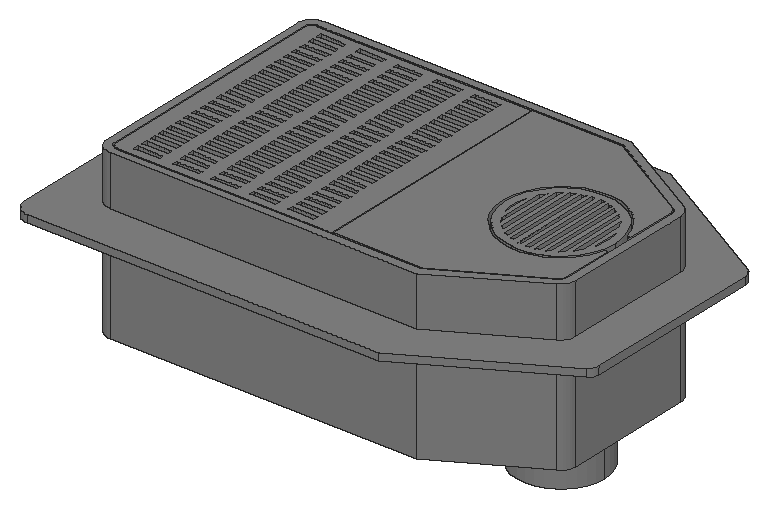
Revit family "Drain-Floor-Jay_R_Smith-2484_Series", category Plumbing Fixtures, host Face, Revit 2019 (continued)
Lines and regions (in)
  symbolic lines, detail levels fine
    curve 370: line (-2.20425, 4.875, 0) -> (-3.45425, 4.875, 0)
    curve 371: line (-2.20425, 5.125, 0) -> (-2.20425, 4.875, 0)
    curve 372: line (-3.45425, 4.625, 0) -> (-2.20425, 4.625, 0)
    curve 373: line (-3.45425, 4.375, 0) -> (-3.45425, 4.625, 0)
    curve 374: line (-2.20425, 4.375, 0) -> (-3.45425, 4.375, 0)
    curve 375: line (-2.20425, 4.625, 0) -> (-2.20425, 4.375, 0)
    curve 376: line (-3.45425, 4.125, 0) -> (-2.20425, 4.125, 0)
    curve 377: line (-3.45425, 3.875, 0) -> (-3.45425, 4.125, 0)
    curve 378: line (-2.20425, 3.875, 0) -> (-3.45425, 3.875, 0)
    curve 379: line (-2.20425, 4.125, 0) -> (-2.20425, 3.875, 0)
    curve 380: line (-3.45425, 3.625, 0) -> (-2.20425, 3.625, 0)
    curve 381: line (-3.45425, 3.375, 0) -> (-3.45425, 3.625, 0)
    curve 382: line (-2.20425, 3.375, 0) -> (-3.45425, 3.375, 0)
    curve 383: line (-2.20425, 3.625, 0) -> (-2.20425, 3.375, 0)
    curve 384: line (-3.45425, 3.125, 0) -> (-2.20425, 3.125, 0)
    curve 385: line (-3.45425, 2.875, 0) -> (-3.45425, 3.125, 0)
    curve 386: line (-2.20425, 2.875, 0) -> (-3.45425, 2.875, 0)
    curve 387: line (-2.20425, 3.125, 0) -> (-2.20425, 2.875, 0)
    curve 388: line (-3.45425, 2.625, 0) -> (-2.20425, 2.625, 0)
    curve 389: line (-3.45425, 2.375, 0) -> (-3.45425, 2.625, 0)
    curve 390: line (-2.20425, 2.375, 0) -> (-3.45425, 2.375, 0)
    curve 391: line (-2.20425, 2.625, 0) -> (-2.20425, 2.375, 0)
    curve 392: line (-3.45425, 2.125, 0) -> (-2.20425, 2.125, 0)
    curve 393: line (-3.45425, 1.875, 0) -> (-3.45425, 2.125, 0)
    curve 394: line (-2.20425, 1.875, 0) -> (-3.45425, 1.875, 0)
    curve 395: line (-2.20425, 2.125, 0) -> (-2.20425, 1.875, 0)
    curve 396: line (-3.45425, 1.625, 0) -> (-2.20425, 1.625, 0)
    curve 397: line (-3.45425, 1.375, 0) -> (-3.45425, 1.625, 0)
    curve 398: line (-2.20425, 1.375, 0) -> (-3.45425, 1.375, 0)
    curve 399: line (-2.20425, 1.625, 0) -> (-2.20425, 1.375, 0)
    curve 400: line (-3.45425, 1.125, 0) -> (-2.20425, 1.125, 0)
    curve 401: line (-3.45425, 0.875, 0) -> (-3.45425, 1.125, 0)
    curve 402: line (-2.20425, 0.875, 0) -> (-3.45425, 0.875, 0)
    curve 403: line (-2.20425, 1.125, 0) -> (-2.20425, 0.875, 0)
    curve 404: line (-3.45425, 0.625, 0) -> (-2.20425, 0.625, 0)
    curve 405: line (-3.45425, 0.375, 0) -> (-3.45425, 0.625, 0)
    curve 406: line (-2.20425, 0.375, 0) -> (-3.45425, 0.375, 0)
    curve 407: line (-2.20425, 0.625, 0) -> (-2.20425, 0.375, 0)
    curve 408: line (-3.45425, 0.125, 0) -> (-2.20425, 0.125, 0)
    curve 409: line (-3.45425, -0.125, 0) -> (-3.45425, 0.125, 0)
    curve 410: line (-2.20425, -0.125, 0) -> (-3.45425, -0.125, 0)
    curve 411: line (-2.20425, 0.125, 0) -> (-2.20425, -0.125, 0)
    curve 412: line (-3.45425, -0.375, 0) -> (-2.20425, -0.375, 0)
    curve 413: line (-3.45425, -0.625, 0) -> (-3.45425, -0.375, 0)
    curve 414: line (-2.20425, -0.625, 0) -> (-3.45425, -0.625, 0)
    curve 415: line (-2.20425, -0.375, 0) -> (-2.20425, -0.625, 0)
    curve 416: line (-3.45425, -0.875, 0) -> (-2.20425, -0.875, 0)
    curve 417: line (-3.45425, -1.125, 0) -> (-3.45425, -0.875, 0)
    curve 418: line (-2.20425, -1.125, 0) -> (-3.45425, -1.125, 0)
    curve 419: line (-2.20425, -0.875, 0) -> (-2.20425, -1.125, 0)
    curve 420: line (-3.45425, -1.375, 0) -> (-2.20425, -1.375, 0)
    curve 421: line (-3.45425, -1.625, 0) -> (-3.45425, -1.375, 0)
    curve 422: line (-2.20425, -1.625, 0) -> (-3.45425, -1.625, 0)
    curve 423: line (-2.20425, -1.375, 0) -> (-2.20425, -1.625, 0)
    curve 424: line (-3.45425, -1.875, 0) -> (-2.20425, -1.875, 0)
    curve 425: line (-3.45425, -2.125, 0) -> (-3.45425, -1.875, 0)
    curve 426: line (-2.20425, -2.125, 0) -> (-3.45425, -2.125, 0)
    curve 427: line (-2.20425, -1.875, 0) -> (-2.20425, -2.125, 0)
    curve 428: line (-3.45425, -2.375, 0) -> (-2.20425, -2.375, 0)
    curve 429: line (-3.45425, -2.625, 0) -> (-3.45425, -2.375, 0)
    curve 430: line (-2.20425, -2.625, 0) -> (-3.45425, -2.625, 0)
    curve 431: line (-2.20425, -2.375, 0) -> (-2.20425, -2.625, 0)
    curve 432: line (-3.45425, -2.875, 0) -> (-2.20425, -2.875, 0)
    curve 433: line (-3.45425, -3.125, 0) -> (-3.45425, -2.875, 0)
    curve 434: line (-2.20425, -3.125, 0) -> (-3.45425, -3.125, 0)
    curve 435: line (-2.20425, -2.875, 0) -> (-2.20425, -3.125, 0)
    curve 436: line (-3.45425, -3.375, 0) -> (-2.20425, -3.375, 0)
    curve 437: line (-3.45425, -3.625, 0) -> (-3.45425, -3.375, 0)
    curve 438: line (-2.20425, -3.625, 0) -> (-3.45425, -3.625, 0)
    curve 439: line (-2.20425, -3.375, 0) -> (-2.20425, -3.625, 0)
    curve 440: line (-3.45425, -3.875, 0) -> (-2.20425, -3.875, 0)
    curve 441: line (-3.45425, -4.125, 0) -> (-3.45425, -3.875, 0)
    curve 442: line (-2.20425, -4.125, 0) -> (-3.45425, -4.125, 0)
    curve 443: line (-2.20425, -3.875, 0) -> (-2.20425, -4.125, 0)
    curve 444: line (-3.45425, -4.375, 0) -> (-2.20425, -4.375, 0)
    curve 445: line (-3.45425, -4.625, 0) -> (-3.45425, -4.375, 0)
    curve 446: line (-2.20425, -4.625, 0) -> (-3.45425, -4.625, 0)
    curve 447: line (-2.20425, -4.375, 0) -> (-2.20425, -4.625, 0)
    curve 448: line (-3.45425, -4.875, 0) -> (-2.20425, -4.875, 0)
    curve 449: line (-3.45425, -5.125, 0) -> (-3.45425, -4.875, 0)
    curve 450: line (-2.20425, -5.125, 0) -> (-3.45425, -5.125, 0)
    curve 451: line (-2.20425, -4.875, 0) -> (-2.20425, -5.125, 0)
    curve 452: line (-3.45425, -5.375, 0) -> (-2.20425, -5.375, 0)
    curve 453: line (-3.45425, -5.625, 0) -> (-3.45425, -5.375, 0)
    curve 454: line (-2.20425, -5.625, 0) -> (-3.45425, -5.625, 0)
    curve 455: line (-2.20425, -5.375, 0) -> (-2.20425, -5.625, 0)
    curve 456: line (-1.59906, 5.625, 0) -> (-0.34906, 5.625, 0)
    curve 457: line (-1.59906, 5.375, 0) -> (-1.59906, 5.625, 0)
    curve 458: line (-0.34906, 5.375, 0) -> (-1.59906, 5.375, 0)
    curve 459: line (-0.34906, 5.625, 0) -> (-0.34906, 5.375, 0)
    curve 460: line (-1.59906, 5.125, 0) -> (-0.34906, 5.125, 0)
    curve 461: line (-1.59906, 4.875, 0) -> (-1.59906, 5.125, 0)
    curve 462: line (-0.34906, 4.875, 0) -> (-1.59906, 4.875, 0)
    curve 463: line (-0.34906, 5.125, 0) -> (-0.34906, 4.875, 0)
    curve 464: line (-1.59906, 4.625, 0) -> (-0.34906, 4.625, 0)
    curve 465: line (-1.59906, 4.375, 0) -> (-1.59906, 4.625, 0)
    curve 466: line (-0.34906, 4.375, 0) -> (-1.59906, 4.375, 0)
    curve 467: line (-0.34906, 4.625, 0) -> (-0.34906, 4.375, 0)
    curve 468: line (-1.59906, 4.125, 0) -> (-0.34906, 4.125, 0)
    curve 469: line (-1.59906, 3.875, 0) -> (-1.59906, 4.125, 0)
    curve 470: line (-0.34906, 3.875, 0) -> (-1.59906, 3.875, 0)
    curve 471: line (-0.34906, 4.125, 0) -> (-0.34906, 3.875, 0)
    curve 472: line (-1.59906, 3.625, 0) -> (-0.34906, 3.625, 0)
    curve 473: line (-1.59906, 3.375, 0) -> (-1.59906, 3.625, 0)
    curve 474: line (-0.34906, 3.375, 0) -> (-1.59906, 3.375, 0)
    curve 475: line (-0.34906, 3.625, 0) -> (-0.34906, 3.375, 0)
    curve 476: line (-1.59906, 3.125, 0) -> (-0.34906, 3.125, 0)
    curve 477: line (-1.59906, 2.875, 0) -> (-1.59906, 3.125, 0)
    curve 478: line (-0.34906, 2.875, 0) -> (-1.59906, 2.875, 0)
    curve 479: line (-0.34906, 3.125, 0) -> (-0.34906, 2.875, 0)
    curve 480: line (-1.59906, 2.625, 0) -> (-0.34906, 2.625, 0)
    curve 481: line (-1.59906, 2.375, 0) -> (-1.59906, 2.625, 0)
    curve 482: line (-0.34906, 2.375, 0) -> (-1.59906, 2.375, 0)
    curve 483: line (-0.34906, 2.625, 0) -> (-0.34906, 2.375, 0)
    curve 484: line (-1.59906, 2.125, 0) -> (-0.34906, 2.125, 0)
    curve 485: line (-1.59906, 1.875, 0) -> (-1.59906, 2.125, 0)
    curve 486: line (-0.34906, 1.875, 0) -> (-1.59906, 1.875, 0)
    curve 487: line (-0.34906, 2.125, 0) -> (-0.34906, 1.875, 0)
    curve 488: line (-1.59906, 1.625, 0) -> (-0.34906, 1.625, 0)
    curve 489: line (-1.59906, 1.375, 0) -> (-1.59906, 1.625, 0)
    curve 490: line (-0.34906, 1.375, 0) -> (-1.59906, 1.375, 0)
    curve 491: line (-0.34906, 1.625, 0) -> (-0.34906, 1.375, 0)
    curve 492: line (-1.59906, 1.125, 0) -> (-0.34906, 1.125, 0)
    curve 493: line (-1.59906, 0.875, 0) -> (-1.59906, 1.125, 0)
    curve 494: line (-0.34906, 0.875, 0) -> (-1.59906, 0.875, 0)
    curve 495: line (-0.34906, 1.125, 0) -> (-0.34906, 0.875, 0)
    curve 496: line (-1.59906, 0.625, 0) -> (-0.34906, 0.625, 0)
    curve 497: line (-1.59906, 0.375, 0) -> (-1.59906, 0.625, 0)
    curve 498: line (-0.34906, 0.375, 0) -> (-1.59906, 0.375, 0)
    curve 499: line (-0.34906, 0.625, 0) -> (-0.34906, 0.375, 0)
    curve 500: line (-1.59906, 0.125, 0) -> (-0.34906, 0.125, 0)
    curve 501: line (-1.59906, -0.125, 0) -> (-1.59906, 0.125, 0)
    curve 502: line (-0.34906, -0.125, 0) -> (-1.59906, -0.125, 0)
    curve 503: line (-0.34906, 0.125, 0) -> (-0.34906, -0.125, 0)
    curve 504: line (-1.59906, -0.375, 0) -> (-0.34906, -0.375, 0)
    curve 505: line (-1.59906, -0.625, 0) -> (-1.59906, -0.375, 0)
    curve 506: line (-0.34906, -0.625, 0) -> (-1.59906, -0.625, 0)
    curve 507: line (-0.34906, -0.375, 0) -> (-0.34906, -0.625, 0)
    curve 508: line (-1.59906, -0.875, 0) -> (-0.34906, -0.875, 0)
    curve 509: line (-1.59906, -1.125, 0) -> (-1.59906, -0.875, 0)
    curve 510: line (-0.34906, -1.125, 0) -> (-1.59906, -1.125, 0)
    curve 511: line (-0.34906, -0.875, 0) -> (-0.34906, -1.125, 0)
    curve 512: line (-1.59906, -1.375, 0) -> (-0.34906, -1.375, 0)
    curve 513: line (-1.59906, -1.625, 0) -> (-1.59906, -1.375, 0)
    curve 514: line (-0.34906, -1.625, 0) -> (-1.59906, -1.625, 0)
    curve 515: line (-0.34906, -1.375, 0) -> (-0.34906, -1.625, 0)
    curve 516: line (-1.59906, -1.875, 0) -> (-0.34906, -1.875, 0)
    curve 517: line (-1.59906, -2.125, 0) -> (-1.59906, -1.875, 0)
    curve 518: line (-0.34906, -2.125, 0) -> (-1.59906, -2.125, 0)
    curve 519: line (-0.34906, -1.875, 0) -> (-0.34906, -2.125, 0)
    curve 520: line (-1.59906, -2.375, 0) -> (-0.34906, -2.375, 0)
    curve 521: line (-1.59906, -2.625, 0) -> (-1.59906, -2.375, 0)
    curve 522: line (-0.34906, -2.625, 0) -> (-1.59906, -2.625, 0)
    curve 523: line (-0.34906, -2.375, 0) -> (-0.34906, -2.625, 0)
    curve 524: line (-1.59906, -2.875, 0) -> (-0.34906, -2.875, 0)
    curve 525: line (-1.59906, -3.125, 0) -> (-1.59906, -2.875, 0)
    curve 526: line (-0.34906, -3.125, 0) -> (-1.59906, -3.125, 0)
    curve 527: line (-0.34906, -2.875, 0) -> (-0.34906, -3.125, 0)
    curve 528: line (-1.59906, -3.375, 0) -> (-0.34906, -3.375, 0)
    curve 529: line (-1.59906, -3.625, 0) -> (-1.59906, -3.375, 0)
    curve 530: line (-0.34906, -3.625, 0) -> (-1.59906, -3.625, 0)
    curve 531: line (-0.34906, -3.375, 0) -> (-0.34906, -3.625, 0)
    curve 532: line (-1.59906, -3.875, 0) -> (-0.34906, -3.875, 0)
    curve 533: line (-1.59906, -4.125, 0) -> (-1.59906, -3.875, 0)
    curve 534: line (-0.34906, -4.125, 0) -> (-1.59906, -4.125, 0)
    curve 535: line (-0.34906, -3.875, 0) -> (-0.34906, -4.125, 0)
    curve 536: line (-1.59906, -4.375, 0) -> (-0.34906, -4.375, 0)
    curve 537: line (-1.59906, -4.625, 0) -> (-1.59906, -4.375, 0)
    curve 538: line (-0.34906, -4.625, 0) -> (-1.59906, -4.625, 0)
    curve 539: line (-0.34906, -4.375, 0) -> (-0.34906, -4.625, 0)
    curve 540: line (-1.59906, -4.875, 0) -> (-0.34906, -4.875, 0)
    curve 541: line (-1.59906, -5.125, 0) -> (-1.59906, -4.875, 0)
    curve 542: line (-0.34906, -5.125, 0) -> (-1.59906, -5.125, 0)
    curve 543: line (-0.34906, -4.875, 0) -> (-0.34906, -5.125, 0)
    curve 544: line (-1.59906, -5.375, 0) -> (-0.34906, -5.375, 0)
    curve 545: line (-1.59906, -5.625, 0) -> (-1.59906, -5.375, 0)
    curve 546: line (-0.34906, -5.625, 0) -> (-1.59906, -5.625, 0)
    curve 547: line (-0.34906, -5.375, 0) -> (-0.34906, -5.625, 0)
Dimensions and locks (in)
  plane 16 to plane 17 = 20 1/2"
  plane 4 to plane 16 = 2 1/8"
  plane 19 to plane 18 = 10 9/16"
  plane 10 to plane 9 = 17 1/2"
  plane 12 to plane 11 = 12 7/8"
  plane 4 to plane 6 = 17 5/8"
  plane 8 to plane 7 = 9 3/8"
  plane 4 to Extrusion 2 = 2 1/8"
  locked: Extrusion 2 to Extrusion 2 at 20.5
  plane 4 to plane 5 = 24 3/4"
  locked: plane 22 to plane 23 at 20.5
  plane 22 to plane 3 "Center (Left/Right)" to plane 23 = 10 1/4" locked, 10 1/4" locked
  plane 15 to host face = 2 3/4"
  "Waste Connection Radius": radius of Extrusion 4 sketch curve
  "Outlet Radius": radius of Extrusion 4 sketch curve
  "Outlet Radius": radius of Extrusion 5 sketch curve
  aligned and locked: plane 2 to host face
  aligned and locked: level to host face
  aligned and locked: Extrusion 5 to Extrusion 4
  aligned and locked: plane 24 to Extrusion 5 sketch curve
  aligned and locked: plane 1 "Center (Front/Back)" to Extrusion 5 sketch curve
Automatic sketch dimensions
  host sketch curve to host sketch curve = 96"  (x2)
  Extrusion 4 sketch curve to Extrusion 4 sketch curve = 0"  (x2)
  plane 1 "Center (Front/Back)" to Extrusion 4 sketch curve = 0.00051"
  plane 6 to Extrusion 4 sketch curve = 1.76766"
  Extrusion 1 sketch curve to plane 4 = 0"
  plane 9 to Extrusion 1 sketch curve = 0"
  plane 10 to Extrusion 1 sketch curve = 0"
  Extrusion 1 sketch curve to plane 16 = 0"
  plane 12 to Extrusion 1 sketch curve = 0"
  plane 11 to Extrusion 1 sketch curve = 0"
  Extrusion 1 sketch curve to plane 6 = 0"  (x4)
  Extrusion 1 sketch curve to plane 17 = 0"
  Extrusion 1 sketch curve to plane 5 = 0"
  Extrusion 1 sketch curve to Extrusion 1 sketch curve = 3/4"  (x4)
  plane 16 to Extrusion 1 sketch curve = 3/4"  (x2)
  Extrusion 1 sketch curve to plane 17 = 0.37851"  (x2)
  Extrusion 1 sketch curve to Extrusion 1 sketch curve = 1/2"
  plane 8 to Extrusion 1 sketch curve = 0.14388"
  Extrusion 1 sketch curve to plane 5 = 0.25234"  (x2)
  Extrusion 1 sketch curve to plane 5 = 1/2"
  Extrusion 1 sketch curve to plane 7 = 0.14388"
  Extrusion 1 sketch curve to plane 8 = 0.88506"
  plane 7 to Extrusion 1 sketch curve = 1.53659"
  curve 1 to curve 12 = 0"  (x2)
  curve 1 to curve 87 = 0"  (x2)
  curve 4 to curve 15 = 0"  (x2)
  curve 4 to curve 16 = 0"  (x2)
  curve 7 to curve 22 = 0"  (x2)
  curve 7 to curve 23 = 0"  (x2)
  curve 9 to curve 30 = 0"  (x2)
  curve 9 to curve 31 = 0"  (x2)
  curve 27 to curve 39 = 0"  (x2)
  curve 41 to curve 44 = 0"  (x2)
  curve 41 to curve 46 = 0"  (x2)
  curve 41 to curve 47 = 0"  (x2)
  curve 41 to curve 50 = 0"  (x2)
  curve 41 to curve 51 = 0"  (x2)
  curve 41 to curve 54 = 0"  (x2)
  curve 41 to curve 57 = 0"  (x2)
  curve 41 to curve 58 = 0"  (x2)
  curve 41 to curve 61 = 0"  (x2)
  curve 41 to curve 64 = 0"  (x2)
  curve 41 to curve 68 = 0"  (x2)
  curve 41 to curve 72 = 0"  (x2)
  curve 41 to curve 74 = 0"  (x2)
  curve 41 to curve 76 = 0"  (x2)
  curve 41 to curve 77 = 0"  (x2)
  curve 41 to curve 78 = 0"  (x2)
  curve 41 to curve 79 = 0"  (x2)
  curve 41 to curve 80 = 0"  (x2)
  curve 41 to curve 81 = 0"  (x2)
  curve 41 to curve 82 = 0"  (x2)
  curve 41 to curve 83 = 0"  (x2)
  curve 41 to curve 84 = 0"
  curve 3 to plane 23 = 0"
  plane 12 to curve 5 = 0"
  plane 11 to curve 2 = 0"
  curve 2 to plane 6 = 0"
  curve 6 to plane 6 = 0"
  curve 8 to plane 22 = 0"
  curve 1 to curve 14 = 3/8"
  curve 14 to curve 17 = 1/16"
  curve 17 to curve 19 = 5/16"
  curve 17 to curve 87 = 5/16"
  curve 4 to curve 176 = 0.48019"
  curve 130 to plane 1 "Center (Front/Back)" = 3/8"
  curve 130 to plane 23 = 1.23019"
  curve 1 to curve 90 = 0.48019"
  plane 1 "Center (Front/Back)" to curve 134 = 1/8"
  curve 134 to curve 129 = 0"
  curve 92 to curve 89 = 0"
  curve 137 to curve 133 = 0"
  curve 174 to curve 176 = 0"
  curve 126 to curve 128 = 0"
  curve 140 to curve 137 = 0"
  plane 7 to curve 96 = 1/16"
  curve 96 to curve 93 = 0"
  curve 170 to plane 8 = 1/16"
  curve 170 to curve 172 = 0"
  curve 122 to curve 124 = 0"
  curve 144 to curve 141 = 0"
  curve 100 to curve 97 = 0"
  curve 166 to curve 168 = 0"
  curve 118 to curve 120 = 0"
  curve 148 to curve 145 = 0"
  curve 162 to curve 164 = 0"
  curve 104 to curve 101 = 0"
  curve 152 to curve 149 = 0"
  curve 114 to curve 116 = 0"
  curve 158 to curve 160 = 0"
  curve 108 to curve 105 = 0"
  curve 109 to curve 110 = 1 1/4"
  curve 153 to curve 155 = 1 1/4"
  curve 156 to curve 154 = 0"
  curve 112 to curve 110 = 0"
  curve 107 to curve 108 = 0"
  curve 151 to curve 152 = 0"
  curve 160 to curve 158 = 0"
  curve 116 to curve 114 = 0"
  curve 103 to curve 104 = 0"
  curve 133 to curve 134 = 1 1/4"
  curve 147 to curve 148 = 0"
  curve 164 to curve 162 = 0"
  curve 120 to curve 118 = 0"
  curve 99 to curve 100 = 0"
  curve 143 to curve 144 = 0"
  curve 168 to curve 166 = 0"
  curve 124 to curve 122 = 0"
  curve 95 to curve 96 = 0"
  curve 139 to curve 140 = 0"
  curve 172 to curve 170 = 0"
  curve 128 to curve 126 = 0"
  curve 91 to curve 92 = 0"
  curve 176 to curve 174 = 0"
  curve 90 to curve 181 = 0.60519"
  curve 184 to curve 181 = 0"
  plane 7 to curve 188 = 1/16"
  curve 188 to curve 185 = 0"
  curve 192 to curve 189 = 0"
  curve 196 to curve 193 = 0"
  curve 200 to curve 197 = 0"
  curve 204 to curve 201 = 0"
  curve 208 to curve 205 = 0"
  curve 212 to curve 209 = 0"
  curve 216 to curve 213 = 0"
  curve 220 to curve 217 = 0"
  curve 224 to plane 1 "Center (Front/Back)" = 1/8"
  curve 224 to curve 221 = 0"
  curve 228 to curve 225 = 0"
  curve 232 to curve 229 = 0"
  curve 236 to curve 233 = 0"
  curve 240 to curve 237 = 0"
  curve 244 to curve 241 = 0"
  curve 248 to curve 245 = 0"
  curve 252 to curve 249 = 0"
  curve 256 to curve 253 = 0"
  curve 260 to curve 257 = 0"
  curve 264 to curve 261 = 0"
  curve 268 to curve 265 = 0"
  curve 180 to curve 183 = 1 1/4"
  curve 184 to curve 182 = 0"
  curve 188 to curve 186 = 0"
  curve 192 to curve 190 = 0"
  curve 196 to curve 194 = 0"
  curve 200 to curve 198 = 0"
  curve 204 to curve 202 = 0"
  curve 208 to curve 206 = 0"
  curve 212 to curve 210 = 0"
  curve 216 to curve 214 = 0"
  curve 220 to curve 218 = 0"
  curve 224 to curve 222 = 0"
  curve 228 to curve 226 = 0"
  curve 232 to curve 230 = 0"
  curve 236 to curve 234 = 0"
  curve 240 to curve 238 = 0"
  curve 244 to curve 242 = 0"
  curve 248 to curve 246 = 0"
  curve 252 to curve 250 = 0"
  curve 256 to curve 254 = 0"
  curve 260 to curve 258 = 0"
  curve 264 to curve 262 = 0"
  curve 268 to curve 266 = 0"
  plane 1 "Center (Front/Back)" to curve 318 = 1/8"
  curve 226 to curve 318 = 0.60519"
  curve 270 to curve 362 = 0.60519"
  curve 358 to curve 360 = 0"
  curve 354 to plane 8 = 1/16"
  curve 354 to curve 356 = 0"
  curve 350 to curve 352 = 0"
  curve 346 to curve 348 = 0"
  curve 342 to curve 344 = 0"
  curve 338 to curve 340 = 0"
  curve 334 to curve 336 = 0"
  curve 330 to curve 332 = 0"
  curve 326 to curve 328 = 0"
  curve 322 to curve 324 = 0"
  curve 314 to curve 316 = 0"
  curve 310 to curve 312 = 0"
  curve 306 to curve 308 = 0"
  curve 302 to curve 304 = 0"
  curve 298 to curve 300 = 0"
  curve 294 to curve 296 = 0"
  curve 290 to curve 292 = 0"
  curve 286 to curve 288 = 0"
  curve 282 to curve 284 = 0"
  curve 278 to curve 280 = 0"
  curve 274 to curve 276 = 0"
  curve 319 to plane 1 "Center (Front/Back)" = 1/8"
  curve 316 to curve 319 = 1 1/4"
  curve 315 to curve 316 = 0"
  curve 361 to curve 363 = 1 1/4"
  curve 320 to curve 318 = 0"
  curve 311 to curve 312 = 0"
  curve 359 to curve 360 = 0"
  curve 307 to curve 308 = 0"
  curve 303 to curve 304 = 0"
  curve 355 to curve 356 = 0"
  curve 324 to curve 322 = 0"
  curve 299 to curve 300 = 0"
  curve 351 to curve 352 = 0"
  curve 295 to curve 296 = 0"
  curve 291 to curve 292 = 0"
  curve 347 to curve 348 = 0"
  curve 328 to curve 326 = 0"
  curve 287 to curve 288 = 0"
  curve 343 to curve 344 = 0"
  curve 283 to curve 284 = 0"
  curve 279 to curve 280 = 0"
  curve 339 to curve 340 = 0"
  curve 332 to curve 330 = 0"
  curve 275 to curve 276 = 0"
  curve 348 to curve 441 = 0.60519"
  curve 272 to curve 365 = 0.60519"
  curve 320 to curve 412 = 0.60519"
  curve 368 to curve 365 = 0"
  plane 7 to curve 372 = 1/16"
  curve 372 to curve 369 = 0"
  curve 444 to curve 441 = 0"
  curve 416 to curve 413 = 0"
  curve 376 to curve 373 = 0"
  curve 380 to curve 377 = 0"
  curve 438 to curve 440 = 0"
  curve 420 to curve 417 = 0"
  curve 384 to curve 381 = 0"
  curve 448 to curve 445 = 0"
  curve 388 to curve 385 = 0"
  curve 424 to curve 421 = 0"
  curve 392 to curve 389 = 0"
  curve 396 to curve 393 = 0"
  curve 452 to curve 449 = 0"
  curve 428 to curve 425 = 0"
  curve 400 to curve 397 = 0"
  curve 404 to curve 401 = 0"
  curve 434 to curve 436 = 0"
  curve 408 to plane 1 "Center (Front/Back)" = 1/8"
  curve 408 to curve 405 = 0"
  curve 364 to curve 364 = 1 1/4"
  curve 432 to curve 432 = 1 1/4"
  curve 431 to curve 432 = 0"
  curve 427 to curve 428 = 0"
  curve 436 to curve 434 = 0"
  curve 423 to curve 424 = 0"
  curve 419 to curve 420 = 0"
  curve 415 to curve 416 = 0"
  curve 440 to curve 438 = 0"
  curve 411 to curve 412 = 0"
  curve 368 to curve 366 = 0"
  curve 372 to curve 370 = 0"
  curve 444 to curve 442 = 0"
  curve 376 to curve 374 = 0"
  curve 380 to curve 378 = 0"
  curve 384 to curve 382 = 0"
  curve 448 to curve 446 = 0"
  curve 388 to curve 386 = 0"
  curve 392 to curve 390 = 0"
  curve 396 to curve 394 = 0"
  curve 452 to curve 450 = 0"
  curve 400 to curve 398 = 0"
  curve 404 to curve 402 = 0"
  curve 364 to curve 456 = 0.60519"
  curve 452 to curve 545 = 0.60519"
  curve 460 to curve 457 = 0"
  curve 542 to curve 544 = 0"
  plane 7 to curve 464 = 1/16"
  curve 464 to curve 461 = 0"
  curve 538 to plane 8 = 1/16"
  curve 538 to curve 540 = 0"
  curve 468 to curve 465 = 0"
  curve 534 to curve 536 = 0"
  curve 472 to curve 469 = 0"
  curve 530 to curve 532 = 0"
  curve 476 to curve 473 = 0"
  curve 526 to curve 528 = 0"
  curve 480 to curve 477 = 0"
  curve 522 to curve 524 = 0"
  curve 484 to curve 481 = 0"
  curve 518 to curve 520 = 0"
  curve 488 to curve 485 = 0"
  curve 514 to curve 516 = 0"
  curve 492 to curve 489 = 0"
  curve 510 to curve 512 = 0"
  curve 496 to curve 493 = 0"
  curve 506 to curve 508 = 0"
  curve 500 to plane 1 "Center (Front/Back)" = 1/8"
  curve 500 to curve 497 = 0"
  curve 500 to plane 3 "Center (Left/Right)" = 0.34906"
  curve 499 to curve 500 = 0"
  curve 504 to curve 502 = 0"
  curve 495 to curve 496 = 0"
  curve 508 to curve 506 = 0"
  curve 491 to curve 492 = 0"
  curve 512 to curve 510 = 0"
  curve 487 to curve 488 = 0"
  curve 516 to curve 514 = 0"
  curve 483 to curve 484 = 0"
  curve 520 to curve 518 = 0"
  curve 479 to curve 480 = 0"
  curve 524 to curve 522 = 0"
  curve 475 to curve 476 = 0"
  curve 528 to curve 526 = 0"
  curve 471 to curve 472 = 0"
  curve 532 to curve 530 = 0"
  curve 467 to curve 468 = 0"
  curve 536 to curve 534 = 0"
  curve 463 to curve 464 = 0"
  curve 540 to curve 538 = 0"
  curve 459 to curve 460 = 0"
  curve 544 to curve 542 = 0"
  plane 3 "Center (Left/Right)" to curve 37 = 13/16"
  curve 36 to curve 34 = 1/16"
  curve 42 to plane 6 = 0.40168"
  curve 43 to plane 6 = 0.19508"
  curve 32 to plane 6 = 0.11596"
  curve 20 to plane 6 = 0.0994"
  curve 32 to curve 33 = 0.01657"
  plane 6 to curve 45 = 0.01152"
  plane 6 to curve 49 = 0.21812"
  curve 49 to curve 48 = 0.2066"
  curve 47 to curve 52 = 0.2066"
  curve 83 to curve 53 = 0.2066"
  curve 53 to curve 55 = 0.2066"
  curve 82 to curve 56 = 0.2066"
  curve 56 to curve 85 = 0.2066"
  curve 85 to curve 86 = 0.2066"
  plane 1 "Center (Front/Back)" to curve 74 = 0.00051"
  plane 6 to curve 74 = 1.76761"
  curve 41 to curve 27 = 0.00005"
  curve 81 to curve 59 = 0.2066"
  curve 59 to curve 60 = 0.2066"
  curve 60 to curve 62 = 0.2066"
  curve 62 to curve 63 = 0.2066"
  curve 63 to curve 65 = 0.2066"
  curve 78 to curve 67 = 0.2066"
  curve 67 to curve 66 = 0.2066"
  curve 66 to curve 69 = 0.2066"
  curve 77 to curve 71 = 0.2066"
  curve 71 to curve 73 = 0.2066"
  curve 76 to curve 75 = 0.2066"
  curve 7 to plane 22 = 3/4"
  curve 30 to plane 22 = 3/4"
  curve 7 to curve 21 = 0.15479"
  curve 9 to curve 32 = 0.15479"
  curve 23 to curve 20 = 0.03096"
  curve 30 to curve 33 = 0.03096"
  curve 28 to plane 22 = 0.51218"
  curve 26 to plane 22 = 131/256"
  curve 28 to curve 29 = 0.07468"
  curve 7 to curve 24 = 5/16"
  curve 20 to curve 6 = 0.18574"
  curve 31 to curve 10 = 0.18574"
  curve 23 to curve 25 = 1/16"
  curve 455 to plane 12 = 13/16"
  curve 178 to plane 12 = 13/16"
  curve 546 to plane 12 = 13/16"
  curve 362 to plane 12 = 13/16"
  curve 178 to curve 269 = 0"
  curve 178 to curve 176 = 1/4"
  curve 453 to curve 452 = 1/4"
  curve 270 to curve 268 = 1/4"
  curve 546 to curve 547 = 1/4"
  curve 362 to curve 363 = 1/4"
  curve 360 to curve 358 = 1/4"
  curve 176 to curve 174 = 1/4"
  curve 544 to curve 543 = 1/4"
  curve 452 to curve 449 = 1/4"
  curve 268 to curve 267 = 1/4"
  plane 8 to curve 264 = 3/16"
  plane 8 to curve 356 = 3/16"
  plane 8 to curve 448 = 3/16"
  plane 8 to curve 540 = 3/16"
  plane 8 to curve 175 = 3/16"
  curve 263 to plane 8 = 1/16"
  curve 447 to plane 8 = 1/16"
  curve 537 to curve 536 = 1/4"
  curve 354 to curve 355 = 1/4"
  curve 446 to curve 444 = 1/4"
  curve 170 to curve 171 = 1/4"
  curve 261 to curve 261 = 1/4"
  curve 260 to curve 257 = 1/4"
  curve 168 to curve 165 = 1/4"
  curve 444 to curve 442 = 1/4"
  curve 536 to curve 535 = 1/4"
  curve 352 to curve 351 = 1/4"
  curve 441 to curve 441 = 1/4"
  curve 258 to curve 259 = 1/4"
  curve 165 to curve 164 = 1/4"
  curve 534 to curve 535 = 1/4"
  curve 350 to curve 351 = 1/4"
  curve 6 to plane 8 = 0.88506"
  curve 256 to curve 254 = 1/4"
  curve 532 to curve 530 = 1/4"
  curve 164 to curve 163 = 1/4"
  curve 348 to curve 345 = 1/4"
  curve 440 to curve 439 = 1/4"
  curve 529 to curve 528 = 1/4"
  curve 161 to curve 160 = 1/4"
  curve 253 to curve 252 = 1/4"
  curve 438 to curve 436 = 1/4"
  curve 345 to curve 345 = 1/4"
  curve 344 to curve 342 = 1/4"
  curve 252 to curve 250 = 1/4"
  curve 436 to curve 433 = 1/4"
  curve 160 to curve 159 = 1/4"
  curve 528 to curve 527 = 1/4"
  curve 525 to curve 524 = 1/4"
  curve 158 to curve 156 = 1/4"
  curve 250 to curve 251 = 1/4"
  curve 342 to curve 343 = 1/4"
  curve 433 to curve 432 = 1/4"
  curve 340 to curve 338 = 1/4"
  curve 156 to curve 154 = 1/4"
  curve 432 to curve 429 = 1/4"
  curve 524 to curve 521 = 1/4"
  curve 248 to curve 245 = 1/4"
  curve 245 to curve 245 = 1/4"
  curve 338 to curve 339 = 1/4"
  curve 522 to curve 523 = 1/4"
  curve 430 to curve 431 = 1/4"
  curve 154 to curve 155 = 1/4"
  plane 1 "Center (Front/Back)" to curve 86 = 2.24813"
  curve 81 to curve 59 = 0"
  curve 80 to curve 62 = 0.03864"
  curve 85 to curve 56 = 0.03864"
  curve 428 to curve 426 = 1/4"
  curve 520 to curve 519 = 1/4"
  curve 152 to curve 149 = 1/4"
  curve 244 to curve 243 = 1/4"
  curve 336 to curve 333 = 1/4"
  curve 55 to curve 53 = 0.0817"
  curve 79 to curve 65 = 0.0817"
  curve 426 to curve 424 = 1/4"
  curve 150 to curve 151 = 1/4"
  curve 517 to curve 516 = 1/4"
  curve 334 to curve 335 = 1/4"
  curve 242 to curve 243 = 1/4"
  curve 78 to curve 66 = 0.13668"
  curve 52 to curve 48 = 0.13668"
  curve 240 to curve 238 = 1/4"
  curve 332 to curve 331 = 1/4"
  curve 516 to curve 515 = 1/4"
  curve 424 to curve 422 = 1/4"
  curve 148 to curve 147 = 1/4"
  curve 77 to curve 71 = 0.22479"
  curve 49 to curve 45 = 0.22479"
  curve 421 to curve 421 = 1/4"
  curve 514 to curve 512 = 1/4"
  curve 146 to curve 147 = 1/4"
  curve 329 to curve 328 = 1/4"
  curve 238 to curve 239 = 1/4"
  curve 328 to curve 326 = 1/4"
  curve 144 to curve 142 = 1/4"
  curve 512 to curve 511 = 1/4"
  curve 236 to curve 233 = 1/4"
  curve 420 to curve 419 = 1/4"
  curve 234 to curve 235 = 1/4"
  curve 417 to curve 417 = 1/4"
  curve 510 to curve 508 = 1/4"
  curve 142 to curve 140 = 1/4"
  curve 326 to curve 327 = 1/4"
  plane 1 "Center (Front/Back)" to curve 24 = 0.75842"
  curve 324 to curve 321 = 1/4"
  curve 416 to curve 413 = 1/4"
  curve 140 to curve 137 = 1/4"
  curve 232 to curve 229 = 1/4"
  curve 508 to curve 507 = 1/4"
  curve 76 to curve 75 = 0.50292"
  curve 43 to curve 42 = 0.50292"
  curve 413 to curve 413 = 1/4"
  curve 505 to curve 505 = 1/4"
  curve 139 to curve 134 = 1/4"
  curve 230 to curve 231 = 1/4"
  curve 323 to curve 318 = 1/4"
  plane 1 "Center (Front/Back)" to curve 227 = 1/8"
  plane 1 "Center (Front/Back)" to curve 502 = 1/8"
  plane 1 "Center (Front/Back)" to curve 411 = 1/8"
  curve 41 to curve 40 = 0"
  curve 135 to plane 1 "Center (Front/Back)" = 1/8"
  curve 224 to curve 222 = 1/4"
  curve 316 to curve 314 = 1/4"
  curve 408 to curve 407 = 1/4"
  curve 500 to curve 497 = 1/4"
  curve 498 to curve 499 = 1/4"
  curve 405 to curve 404 = 1/4"
  curve 221 to curve 220 = 1/4"
  curve 130 to curve 131 = 1/4"
  curve 314 to curve 315 = 1/4"
  curve 75 to curve 28 = 0.16404"
  curve 220 to curve 219 = 1/4"
  curve 404 to curve 402 = 1/4"
  curve 128 to curve 125 = 1/4"
  curve 312 to curve 309 = 1/4"
  curve 496 to curve 495 = 1/4"
  curve 75 to curve 73 = 0.50292"
  curve 42 to curve 43 = 0.50292"
  curve 126 to curve 127 = 1/4"
  curve 401 to curve 400 = 1/4"
  curve 217 to curve 216 = 1/4"
  curve 310 to curve 311 = 1/4"
  curve 494 to curve 495 = 1/4"
  curve 492 to curve 490 = 1/4"
  curve 216 to curve 214 = 1/4"
  curve 400 to curve 397 = 1/4"
  curve 308 to curve 307 = 1/4"
  curve 124 to curve 123 = 1/4"
  curve 489 to curve 489 = 1/4"
  curve 121 to curve 120 = 1/4"
  curve 397 to curve 397 = 1/4"
  curve 213 to curve 213 = 1/4"
  curve 306 to curve 307 = 1/4"
  curve 72 to curve 69 = 0.22479"
  curve 45 to curve 49 = 0.22479"
  curve 396 to curve 393 = 1/4"
  curve 488 to curve 486 = 1/4"
  curve 304 to curve 301 = 1/4"
  curve 120 to curve 119 = 1/4"
  curve 212 to curve 211 = 1/4"
  curve 68 to curve 67 = 0.13668"
  curve 48 to curve 52 = 0.13668"
  curve 209 to curve 209 = 1/4"
  curve 301 to curve 300 = 1/4"
  curve 117 to curve 116 = 1/4"
  curve 393 to curve 392 = 1/4"
  curve 485 to curve 484 = 1/4"
  curve 64 to curve 63 = 0.0817"
  curve 53 to curve 55 = 0.0817"
  curve 56 to curve 85 = 0.03864"
  curve 61 to curve 60 = 0.03864"
  curve 116 to curve 113 = 1/4"
  curve 208 to curve 207 = 1/4"
  curve 300 to curve 299 = 1/4"
  curve 392 to curve 389 = 1/4"
  curve 484 to curve 482 = 1/4"
  curve 482 to curve 480 = 1/4"
  curve 297 to curve 297 = 1/4"
  curve 206 to curve 204 = 1/4"
  curve 114 to curve 115 = 1/4"
  curve 390 to curve 391 = 1/4"
  curve 204 to curve 201 = 1/4"
  curve 112 to curve 111 = 1/4"
  curve 480 to curve 479 = 1/4"
  curve 388 to curve 387 = 1/4"
  curve 296 to curve 295 = 1/4"
  curve 201 to curve 200 = 1/4"
  curve 293 to curve 292 = 1/4"
  curve 110 to curve 111 = 1/4"
  curve 477 to curve 476 = 1/4"
  curve 385 to curve 384 = 1/4"
  plane 7 to curve 25 = 1.53659"
  curve 384 to curve 383 = 1/4"
  curve 476 to curve 473 = 1/4"
  curve 108 to curve 105 = 1/4"
  curve 200 to curve 198 = 1/4"
  curve 292 to curve 291 = 1/4"
  curve 381 to curve 380 = 1/4"
  curve 198 to curve 196 = 1/4"
  curve 289 to curve 288 = 1/4"
  curve 106 to curve 107 = 1/4"
  curve 474 to curve 475 = 1/4"
  curve 380 to curve 377 = 1/4"
  curve 196 to curve 195 = 1/4"
  curve 288 to curve 286 = 1/4"
  curve 104 to curve 101 = 1/4"
  curve 472 to curve 471 = 1/4"
  curve 377 to curve 376 = 1/4"
  curve 194 to curve 195 = 1/4"
  curve 285 to curve 284 = 1/4"
  curve 469 to curve 468 = 1/4"
  curve 102 to curve 103 = 1/4"
  curve 99 to curve 96 = 1/4"
  curve 190 to curve 188 = 1/4"
  curve 284 to curve 281 = 1/4"
  curve 373 to curve 372 = 1/4"
  curve 465 to curve 464 = 1/4"
  plane 7 to curve 283 = 1/16"
  curve 278 to plane 7 = 3/16"
  curve 462 to plane 7 = 3/16"
  curve 187 to plane 7 = 3/16"
  curve 371 to plane 7 = 3/16"
  curve 95 to plane 7 = 3/16"
  curve 369 to curve 369 = 1/4"
  curve 93 to curve 92 = 1/4"
  curve 461 to curve 460 = 1/4"
  curve 185 to curve 184 = 1/4"
  curve 277 to curve 276 = 1/4"
  curve 184 to curve 182 = 1/4"
  curve 368 to curve 365 = 1/4"
  curve 460 to curve 457 = 1/4"
  curve 276 to curve 275 = 1/4"
  curve 92 to curve 91 = 1/4"
  curve 181 to curve 180 = 1/4"
  curve 273 to curve 273 = 1/4"
  curve 366 to curve 364 = 1/4"
  curve 90 to curve 88 = 1/4"
  curve 458 to curve 459 = 1/4"
  curve 36 to curve 38 = 0"
  curve 39 to curve 41 = 0.45566"
  curve 21 to curve 18 = 0.01657"
  curve 27 to curve 28 = 0"
  curve 19 to curve 38 = 0"
  Extrusion 2 sketch curve to Extrusion 2 sketch curve = 0"  (x8)
  Extrusion 2 sketch curve to plane 23 = 0"
  plane 11 to Extrusion 2 sketch curve = 0"
  plane 12 to Extrusion 2 sketch curve = 0"
  Extrusion 2 sketch curve to plane 6 = 0"  (x2)
  Extrusion 2 sketch curve to plane 22 = 0"
  Extrusion 2 sketch curve to Extrusion 2 sketch curve = 3/8"  (x4)
  Extrusion 2 sketch curve to plane 6 = 0.0994"  (x2)
  Extrusion 2 sketch curve to Extrusion 2 sketch curve = 3/4"  (x2)
  Extrusion 2 sketch curve to Extrusion 2 sketch curve = 0.18574"  (x4)
  Extrusion 2 sketch curve to plane 8 = 0.88506"
  plane 7 to Extrusion 2 sketch curve = 1.53659"
  Extrusion 3 sketch curve to Extrusion 3 sketch curve = 0"  (x664)
  Extrusion 3 sketch curve to plane 18 = 0"
  Extrusion 3 sketch curve to plane 3 "Center (Left/Right)" = 0.34906"  (x4)
  Extrusion 3 sketch curve to plane 8 = 1/16"  (x5)
  plane 7 to Extrusion 3 sketch curve = 1/16"  (x5)
  plane 8 to Extrusion 3 sketch curve = 3/16"  (x5)
  Extrusion 3 sketch curve to Extrusion 3 sketch curve = 1 1/4"  (x5)
  Extrusion 3 sketch curve to plane 1 "Center (Front/Back)" = 3/8"
  Extrusion 3 sketch curve to plane 1 "Center (Front/Back)" = 1/8"  (x5)
  Extrusion 3 sketch curve to Extrusion 3 sketch curve = 0.60519"  (x13)
  plane 1 "Center (Front/Back)" to Extrusion 3 sketch curve = 1/8"  (x5)
  plane 20 to Extrusion 3 sketch curve = 1.0145"  (x4)
  plane 8 to Extrusion 3 sketch curve = 7/16"  (x3)
  plane 20 to Extrusion 3 sketch curve = 0.40931"  (x6)
  Extrusion 3 sketch curve to plane 20 = 0.84069"  (x5)
  Extrusion 3 sketch curve to plane 8 = 5/16"
  plane 19 to Extrusion 3 sketch curve = 0.73019"  (x2)
  plane 19 to Extrusion 3 sketch curve = 1/4"  (x2)
  Extrusion 3 sketch curve to plane 19 = 1/16"
  plane 18 to Extrusion 3 sketch curve = 1/16"
  Extrusion 3 sketch curve to plane 6 = 0.40168"
  Extrusion 3 sketch curve to plane 6 = 0.19508"
  Extrusion 3 sketch curve to plane 6 = 0.11596"  (x2)
  plane 6 to Extrusion 3 sketch curve = 0.01152"
  plane 6 to Extrusion 3 sketch curve = 0.21812"
  Extrusion 3 sketch curve to Extrusion 3 sketch curve = 0.2066"  (x16)
  plane 1 "Center (Front/Back)" to Extrusion 3 sketch curve = 0.00051"
  plane 21 to Extrusion 3 sketch curve = 0.2606"
  Extrusion 3 sketch curve to Extrusion 3 sketch curve = 0.00005"
  plane 21 to Extrusion 3 sketch curve = 0.1573"
  Extrusion 3 sketch curve to plane 21 = 0.0493"
  Extrusion 3 sketch curve to plane 22 = 3/4"  (x2)
  Extrusion 3 sketch curve to Extrusion 3 sketch curve = 0.15479"  (x2)
  Extrusion 3 sketch curve to plane 22 = 0.51218"
  Extrusion 3 sketch curve to plane 22 = 131/256"
  Extrusion 3 sketch curve to Extrusion 3 sketch curve = 5/16"  (x2)
  Extrusion 3 sketch curve to Extrusion 3 sketch curve = 1/4"  (x194)
  Extrusion 3 sketch curve to Extrusion 3 sketch curve = 1/2"
  Extrusion 3 sketch curve to Extrusion 3 sketch curve = 1/16"
  Extrusion 3 sketch curve to plane 8 = 1.26512"
  plane 1 "Center (Front/Back)" to Extrusion 3 sketch curve = 2.24813"
  Extrusion 3 sketch curve to Extrusion 3 sketch curve = 0.03864"  (x4)
  Extrusion 3 sketch curve to Extrusion 3 sketch curve = 0.0817"  (x4)
  Extrusion 3 sketch curve to Extrusion 3 sketch curve = 0.13668"  (x4)
  Extrusion 3 sketch curve to Extrusion 3 sketch curve = 0.22479"  (x4)
  plane 1 "Center (Front/Back)" to Extrusion 3 sketch curve = 0.75842"
  Extrusion 3 sketch curve to Extrusion 3 sketch curve = 0.50292"  (x4)
  Extrusion 3 sketch curve to Extrusion 3 sketch curve = 0.16404"
  plane 7 to Extrusion 3 sketch curve = 1.53659"
  Extrusion 3 sketch curve to plane 7 = 3/16"  (x5)
  plane 11 to Extrusion 3 sketch curve = 3/4"
  Extrusion 3 sketch curve to Extrusion 3 sketch curve = 0.45566"
  Extrusion 5 sketch curve to plane 23 = 0"
  plane 11 to Extrusion 5 sketch curve = 0"
  plane 12 to Extrusion 5 sketch curve = 0"
  Extrusion 5 sketch curve to plane 6 = 0"  (x2)
  Extrusion 5 sketch curve to plane 22 = 0"
  Extrusion 5 sketch curve to plane 23 = 3/4"  (x2)
  Extrusion 5 sketch curve to plane 22 = 3/4"  (x2)
  Extrusion 5 sketch curve to plane 22 = 0.37851"  (x2)
  Extrusion 5 sketch curve to plane 8 = 0.88506"
  plane 7 to Extrusion 5 sketch curve = 1.53659"
  Masking region 1 sketch curve to plane 4 = 0"
  plane 9 to Masking region 1 sketch curve = 0"
  Masking region 1 sketch curve to plane 6 = 0"  (x2)
  Masking region 1 sketch curve to Masking region 1 sketch curve = 3/4"
  Masking region 1 sketch curve to plane 5 = 0.25234"
  Masking region 1 sketch curve to plane 7 = 0.14388"
  Masking region 1 sketch curve to plane 5 = 0"
  plane 7 to Masking region 1 sketch curve = 0.29048"
  Masking region 1 sketch curve to plane 8 = 0.29048"
  plane 10 to Masking region 1 sketch curve = 0"
  Masking region 1 sketch curve to Masking region 1 sketch curve = 1/2"
  plane 8 to Masking region 1 sketch curve = 0.14388"
  plane 4 to Masking region 1 sketch curve = 3/4"
Connectors (in)
  piping at (7.01766, -0.00051, -10.2962), diameter 4, driven by "Waste Connection Diameter", driven by "WFU", driven by "Connection Description"
    settings: on Extrusion 4, index 1, connector inside diameter 24", connector length 0", flow factor 0, pipe flow 0 GPM, pressure drop 0.00 psi, fitting loss kfactor 0, connector angle 0.00°, fixture units 0, engagement length 0", angle of deflection 0.00°, flow configuration 3, flow direction 2, fitting loss method 0, system type 16, joint type 0, gender type 0, connector reference index -1, connector utility 0, adjustable connector no, is connector primary yes, connector description "4\" No-Hub Waste Outlet Connection"
Types (8): name | Waste Connection Radius | Waste Connection Diameter | Type Comments | T - Threaded Outlet | Outlet Radius | Outlet Diameter | Y - No-Hub Outlet | Model | Connection Description | C- Caulk Outlet
  (no name) | 2" | 4" | "NO-HUB" | no | 2 1/8" | 4 1/4" | yes | "2484Y04(100)" | "4\" No-Hub Waste Outlet Connection" | no
  2484C03(75) | 1 1/2" | 3" | "03(75) Caulk 4(100) x 3(75) Reducer" | no | 1 5/8" | 3 1/4" | no | "2484C03(75)" | "3\" Caulk Waste Outlet Connection" | yes
  2484Y02(50) | 1" | 2" | "NO-HUB" | no | 1 1/8" | 2 1/4" | yes | "2484Y02(50)" | "2\" No-Hub Waste Outlet Connection" | no
  2484Y03(75) | 1 1/2" | 3" | "NO-HUB" | no | 1 5/8" | 3 1/4" | yes | "2484Y03(75)" | "3\" No-Hub Waste Outlet Connection" | no
  2484Y04(100) | 2" | 4" | "NO-HUB" | no | 2 1/8" | 4 1/4" | yes | "2484Y04(100)" | "4\" No-Hub Waste Outlet Connection" | no
  2484T02(50) | 1" | 2" | "02(50) Threaded 4(100) x 2(50) Bushing" | yes | 1 1/8" | 2 1/4" | no | "2484T02(50)" | "2\" Threaded Waste Outlet Connection" | no
  2484T03(75) | 1 1/2" | 3" | "03(75) Threaded 4(100) x 3(75) Bushing" | yes | 1 5/8" | 3 1/4" | no | "2484T03(75)" | "3\" Threaded Waste Outlet Connection" | no
  2484T04(100) | 2" | 4" | "Threaded" | yes | 2 1/8" | 4 1/4" | no | "248T404(100)" | "4\" Threaded Waste Outlet Connection" | no
